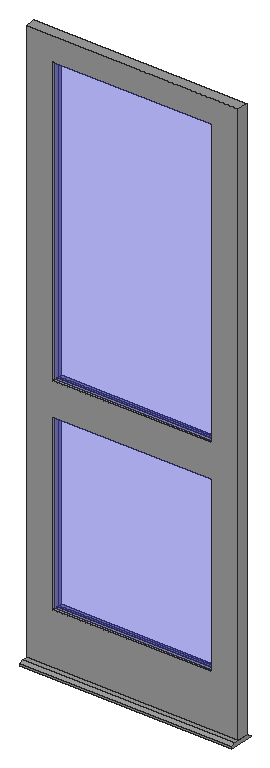
Revit family "MS-375 PIVOT DOOR-VIP-1-SF_v05", category Curtain Panels, Revit 2015
Parameters
  Width [instance] = 3' - 2"
  VIP2 Panic Devices [instance] = yes
  URL = "obe.com"
  Rough Width [instance] = 3' - 0"
  Panel Width [instance] = [Min-Max Rough Width]  # 3' - 0"
  Offset [instance] = 0' - 0"
  Model = "MS-375 DOOR"
  Min-Max Rough Width [instance] = if(and((Rough Width > 2' 11 255/256"), (Rough Width < 3' 6 1/256")), Rough Width, 3' 0")  # 3' - 0"
  Manufacturer = "Oldcastle BuildingEnvelope®"
  Keynote = "08 11 00"
  Height [instance] = 8' - 0"
  Pushbar Height [instance] = 3' - 5 1/4"  # constant formula
  Glass Material = Glass
  Frame Material = Aluminum
  Door Panel Height [instance] = Height + 0' 0 13/32"  # 8' - 0 13/32"
  Description = "MS-375 - 1\" Door Infill"
  Analytic Construction = "<None>"
  8 Bottom Rail [instance] = yes
Reference planes (in)
  plane 1 "Front": y = 0
  plane 2: z = 0
  plane 3 "Center (Left/Right)": x = 0
  plane 4 "Left": x = -19
  plane 5 "Right": x = 19
  plane 6 "Top": z = 96
  plane 7: x = -18
  plane 8: x = 18
Text (in)
  text "Exterior" at (-54.29358, 31.38743, 0), in view "Ref. Level"
  text "Exterior" at (480, 41.53993, 89.60405), in view "Right"
  text "Exterior" at (-240, 57.82419, 105.78864), in view "Left"
Dimensions and locks (in)
  equal spacing: plane 4 "Left", plane 3 "Center (Left/Right)", plane 5 "Right"
  "Width": plane 4 "Left" to plane 5 "Right"
  "Height": plane 6 "Top" to plane 2
  equal spacing: plane 7, plane 3 "Center (Left/Right)", plane 8
  "Min-Max Rough Width": plane 7 to plane 8
  aligned and locked: level to plane 2
  aligned and locked: plane 3 "Center (Left/Right)" to nested 1
  aligned and locked: plane 1 "Front" to nested 1
Nested families (in)
  nested 1: "MS-375 PIVOT DOOR-VIP-1-Panel_v04" at (0, -16, 0), Frame Material <- "Frame Material", Glass Material <- "Glass Material", 8 Bottom Rail <- "8 Bottom Rail", VIP2 Panic Devices <- "VIP2 Panic Devices", Width <- "Min-Max Rough Width", Height <- "Door Panel Height", Offset <- "Offset", type "MS-375 DOOR-1-Panel"
    with built-in parameter 1001301 3' - 0", VIP2 Panic Devices yes, VIP1 Panic Devices no, Pushbar Height 3' - 5 1/4", Offset 0' - 0", built-in parameter 1001300 8' - 0 13/32", Glass at Muntin 0' - 4 15/16", Glass Material Glass, Frame Material Aluminum, Bottom Rail 0' - 9 5/32", 8 Bottom Rail yes, 10 Bottom Rail no
Definition of nested family "MS-375 PIVOT DOOR-VIP-1-Panel_v04"
  Parameters (values of type "MS-375 DOOR-1-Panel")
    Width [instance] = 3' - 6"
    VIP2 Panic Devices [instance] = no
    VIP1 Panic Devices [instance] = not(VIP2 Panic Devices)  # yes
    Offset [instance] = 0' - 10 15/16"
    Height [instance] = 8' - 0"
    Glass at Muntin [instance] = if(VIP2 Panic Devices, 0' 4 15/16", 0' 8 15/16")  # 0' - 8 15/16"
    Pushbar Height [instance] = 3' - 5 1/4"  # constant formula
    Glass Material [instance] = none
    Frame Material [instance] = none
    Bottom Rail [instance] = if([10 Bottom Rail], 0' 11 5/32", 0' 9 5/32")  # 0' - 11 5/32"
    Analytic Construction = "<None>"
    8 Bottom Rail [instance] = no
    10 Bottom Rail [instance] = not([8 Bottom Rail])  # yes
  Reference planes (in)
    plane 1 "00": y = 4.0625
    plane 2: z = 0
    plane 3 "Center (Left/Right)": x = 0
    plane 4: z = 96
    plane 5: x = 21
    plane 6: x = -21
    plane 7 "Center (Front/Back)": y = 16
    plane 8 "Exterior": y = 4.5625
    plane 9: z = 48
    plane 10: z = 92.96875
    plane 11: z = 92
    plane 12: z = 11.15625
    plane 13: z = 36.78125
    plane 14: z = 45.71875
    plane 15: y = 5.0625
    plane 16: z = 41.25
  Forms (in)
    Sweep 1, solid, material <- "Frame Material"
      path origin (0, 4.0625, 0) x (1, 0, 0) y (0, 0, 1)
        loop
          line (-20.79246, 96) -> (20.80204, 96)
      profile origin (0.00479, 4.0625, 96) x (0, 0, 1) y (0, -1, 0)
        loop
          line (-0.40638, -0.875) -> (-0.40638, 0.875) -> (-2.74593, 0.875) -> (-4.28125, 0.875) -> (-4.28125, 0.5) -> (-4, 0.5) -> (-4, -0.5) -> (-4.28125, -0.5) -> (-4.28125, -0.875) -> (-2.74593, -0.875) -> (-0.40638, -0.875)
    Sweep 2, solid, material <- "Frame Material"
      path origin (0, 4.0625, 0) x (1, 0, 0) y (0, 0, 1)
        loop
          line (20.80204, 0) -> (-20.79246, 0)
      profile origin (0.00479, 4.0625, 0) x (0, 0, -1) y (0, -1, 0)
        loop
          line (-11.4375, -0.5) -> (-11.4375, -0.875) -> (-0.6875, -0.875) -> (-0.6875, 0.875) -> (-11.4375, 0.875) -> (-11.4375, 0.5) -> (-11.15625, 0.5) -> (-11.15625, -0.5) -> (-11.4375, -0.5)
        loop
          line (-0.5, 1.5305) -> (-0.5, -1.1555) -> (-0.19364, -1.8125) -> (-0.00001, -1.8125) -> (-0.00001, 2.1875) -> (-0.19364, 2.1875) -> (-0.5, 1.5305)
    Sweep 3, solid, material <- "Frame Material"
      path origin (0, 4.0625, 0) x (1, 0, 0) y (0, 0, 1)
        loop
          line (21, 95.59362) -> (21, 0.6875)
      profile origin (21, 4.0625, 48.14056) x (0, -1, 0) y (1, 0, 0)
        loop
          line (0.875, -0.19796) -> (-0.875, -0.08896) -> (-0.875, -2.31889) -> (-0.875, -4.58896) -> (-0.5, -4.58896) -> (-0.5, -4.30771) -> (0.5, -4.30771) -> (0.5, -4.58896) -> (0.875, -4.58896) -> (0.875, -2.31889) -> (0.875, -0.19796)
    Sweep 4, solid, material <- "Frame Material"
      path origin (0, 4.0625, 0) x (1, 0, 0) y (0, 0, 1)
        loop
          line (-21, 95.59362) -> (-21, 0.6875)
      profile origin (-21, 4.0625, 48.14056) x (0, -1, 0) y (1, 0, 0)
        loop
          line (-0.875, 0.09854) -> (0.875, 0.20754) -> (0.875, 2.21947) -> (0.875, 4.59854) -> (0.5, 4.59854) -> (0.5, 4.31729) -> (-0.5, 4.31729) -> (-0.5, 4.59854) -> (-0.875, 4.59854) -> (-0.875, 2.21947) -> (-0.875, 0.09854)
    Sweep 5, solid, material <- "Frame Material"
      path origin (0, 4.0625, 0) x (1, 0, 0) y (0, 0, 1)
        loop
          line (20.80204, 48) -> (-20.79246, 48)
      profile origin (0.00479, 4.0625, 48) x (0, 0, -1) y (0, -1, 0)
        loop
          line (7.5, -0.875) -> (11.5, -0.875) -> (11.5, -0.5) -> (11.21875, -0.5) -> (11.21875, 0.5) -> (11.5, 0.5) -> (11.5, 0.875) -> (7.5, 0.875) -> (2, 0.875) -> (2, 0.5) -> (2.28125, 0.5) -> (2.28125, -0.5) -> (2, -0.5) -> (2, -0.875) -> (7.5, -0.875)
    Extrusion 6, solid, material <- "Glass Material", detail levels coarse
      sketch origin (0, 0, 0) x (1, 0, 0) y (0, 1, 0)
        loop
          line (-16.68271, 4.5625) -> (-16.68271, 3.5625) -> (16.69229, 3.5625) -> (16.69229, 4.5625) -> (-16.68271, 4.5625)
      from 45.71875 to 92
    Extrusion 7, solid, material <- "Glass Material", detail levels medium+fine
      sketch origin (0, 0, 0) x (1, 0, 0) y (0, 1, 0)
        loop
          line (-16.68271, 3.5625) -> (16.69229, 3.5625) -> (16.69229, 3.8105) -> (-16.68271, 3.8105) -> (-16.68271, 3.5625)
        loop
          line (16.69229, 4.5625) -> (-16.68271, 4.5625) -> (-16.68271, 4.3145) -> (16.69229, 4.3145) -> (16.69229, 4.5625)
      from 45.71875 to 92
    Extrusion 8, solid, material <- "Glass Material", detail levels coarse
      sketch origin (0, 0, 0) x (1, 0, 0) y (0, 1, 0)
        loop
          line (-16.68271, 4.5625) -> (-16.68271, 3.5625) -> (16.69229, 3.5625) -> (16.69229, 4.5625) -> (-16.68271, 4.5625)
      from 11.15625 to 36.78125
    Extrusion 9, solid, material <- "Glass Material", detail levels medium+fine
      sketch origin (0, 0, 0) x (1, 0, 0) y (0, 1, 0)
        loop
          line (-16.68271, 4.5625) -> (-16.68271, 4.3145) -> (16.69229, 4.3145) -> (16.69229, 4.5625) -> (-16.68271, 4.5625)
        loop
          line (-16.68271, 3.8105) -> (-16.68271, 3.5625) -> (16.69229, 3.5625) -> (16.69229, 3.8105) -> (-16.68271, 3.8105)
      from 11.15625 to 36.78125
  Cuts and joins
    joined: Sweep 1, Sweep 2, Sweep 3, Sweep 4, Sweep 5
  Lines and regions (in)
    model lines
      curve 1: line (16.41104, 4.5625, 91.71875) -> (-16.68271, 4.5625, 48)
      curve 2: line (-16.68271, 4.5625, 48) -> (16.41104, 4.5625, 11.4375)
  Dimensions and locks (in)
    "Width": plane 6 to plane 5
    "Offset": plane 15 to plane 7 "Center (Front/Back)"
    plane 1 "00" to plane 8 "Exterior" to plane 15 = 0' - 0 1/2" locked, 0' - 0 1/2" locked
    equal spacing: level, plane 9, plane 4
    locked: Sweep 2 sketch curve to plane 6 at 0.20754
    locked: plane 5 to Sweep 2 sketch curve at 0.19796
    locked: Sweep 3 sketch curve to plane 4 at 0.40638
    locked: Sweep 4 sketch curve to plane 4 at 0.40638
    locked: Sweep 1 sketch curve to plane 6 at 0.20754
    locked: plane 5 to Sweep 1 sketch curve at 0.19796
    locked: plane 5 to Sweep 5 sketch curve at 0.19796
    locked: Sweep 5 sketch curve to plane 6 at 0.20754
    locked: plane 4 to plane 10 at 3.03125
    Extrusion 6 sketch curve to plane 1 "00" to Extrusion 6 sketch curve = 0' - 0 1/2" locked, 0' - 0 1/2" locked
    Extrusion 8 sketch curve to plane 1 "00" to Extrusion 8 sketch curve = 0' - 0 1/2" locked, 0' - 0 1/2" locked
    Extrusion 9 sketch curve to Extrusion 9 sketch curve to plane 1 "00" to Extrusion 9 sketch curve to Extrusion 9 sketch curve = 0' - 0.248" locked, 0' - 0.252" locked, 0' - 0.252" locked, 0' - 0.248" locked
    "Glass at Muntin": plane 13 to plane 14
    locked: plane 11 to plane 4 at 4
    "Bottom Rail": plane 12 to plane 2
    "Height": plane 4 to plane 2
    locked: Sweep 1 sketch curve to plane 11 at 0.28125  (x2)
    locked: plane 14 to Sweep 5 sketch curve at 0.28125  (x2)
    locked: plane 12 to Sweep 2 sketch curve at 0.28125  (x2)
    locked: Sweep 5 sketch curve to plane 13 at 0.28125  (x2)
    equal spacing: plane 6, plane 3 "Center (Left/Right)", plane 5
    Extrusion 7 sketch curve to Extrusion 7 sketch curve to Extrusion 7 sketch curve to Extrusion 7 sketch curve = 0' - 0.248" locked, 0' - 0.504" locked, 0' - 0.248" locked
    equal spacing: plane 13, plane 16, plane 14
    "Pushbar Height": plane 16 to plane 2
    locked: Sweep 4 sketch curve to plane 2 at 0.6875
    locked: Sweep 3 sketch curve to plane 2 at 0.6875
    locked: nested 2 to plane 1 "00" at 1.093
    aligned and locked: plane 2 to level
    aligned and locked: Sweep 1 sketch curve to plane 4
    aligned and locked: Sweep 2 sketch curve to level
    aligned and locked: level to nested 1
    aligned and locked: nested 1 to plane 1 "00"
    aligned and locked: plane 5 to Sweep 3 sketch curve
    aligned and locked: plane 6 to Sweep 4 sketch curve
    aligned and locked: Sweep 5 sketch curve to plane 9
    aligned and locked: Extrusion 7 to plane 11
    aligned and locked: Extrusion 6 to plane 11
    aligned and locked: plane 14 to Extrusion 7
    aligned and locked: plane 14 to Extrusion 6
    aligned and locked: Extrusion 8 to plane 13
    aligned and locked: Extrusion 9 to plane 13
    aligned and locked: plane 12 to Extrusion 9
    aligned and locked: plane 12 to Extrusion 8
    aligned and locked: plane 13 to cut or joined group of Sweep 1, Sweep 2, Sweep 3, Sweep 4, Sweep 5
    aligned and locked: plane 12 to Sweep 2 sketch curve
    aligned and locked: Sweep 5 sketch curve to plane 13
    aligned and locked: plane 14 to Sweep 5 sketch curve
    aligned and locked: cut or joined group of Sweep 1, Sweep 2, Sweep 3, Sweep 4, Sweep 5 to curve 1
    aligned and locked: nested 2 to plane 3 "Center (Left/Right)"
  Automatic sketch dimensions
    plane 1 "00" to Sweep 2 sketch curve = 0' - 0 7/8"
    profile plane to Sweep 2 sketch curve = 0' - 0 1/2"
    profile plane to Sweep 2 sketch curve = 0' - 0.19364"  (x2)
    profile plane to Sweep 2 sketch curve = 0' - 0"
    Sweep 2 sketch curve to Sweep 2 sketch curve = 0' - 0 3/8"
    Sweep 2 sketch curve to plane 1 "00" = 0' - 0 1/2"
    Sweep 2 sketch curve to plane 1 "00" = 0' - 0 7/8"
    Sweep 2 sketch curve to Sweep 2 sketch curve = 0' - 2.686"
    Sweep 2 sketch curve to Sweep 2 sketch curve = 0' - 0.657"  (x2)
    Sweep 2 sketch curve to Sweep 2 sketch curve = 0' - 0.6555"
    Sweep 4 sketch curve to plane 1 "00" = 0' - 0 7/8"
    Sweep 4 sketch curve to Sweep 4 sketch curve = 0' - 0 3/8"
    plane 1 "00" to Sweep 4 sketch curve = 0' - 0 1/2"
    plane 1 "00" to Sweep 4 sketch curve = 0' - 0 7/8"
    Sweep 4 sketch curve to profile plane = 0' - 0.09854"
    Sweep 4 sketch curve to Sweep 4 sketch curve = 0' - 2.12093"
    Sweep 4 sketch curve to Sweep 4 sketch curve = 0' - 0"
    Sweep 4 sketch curve to Sweep 4 sketch curve = 0' - 2.09782"
    Sweep 4 sketch curve to Sweep 4 sketch curve = 0' - 0 9/32"  (x2)
    Sweep 4 sketch curve to profile plane = 0' - 0.20754"
    plane 6 to Extrusion 6 sketch curve = 0' - 4.31729"
    Extrusion 6 sketch curve to plane 5 = 0' - 4.30771"
    plane 6 to Extrusion 7 sketch curve = 0' - 4.31729"
    Extrusion 7 sketch curve to Extrusion 7 sketch curve = 0' - 0"  (x2)
    Extrusion 7 sketch curve to plane 5 = 0' - 4.30771"
    plane 6 to Extrusion 8 sketch curve = 0' - 4.31729"
    Extrusion 8 sketch curve to plane 5 = 0' - 4.30771"
    plane 6 to Extrusion 9 sketch curve = 0' - 4.31729"
    Extrusion 9 sketch curve to Extrusion 9 sketch curve = 0' - 0"  (x2)
    Extrusion 9 sketch curve to plane 5 = 0' - 4.30771"
    plane 1 "00" to Sweep 5 sketch curve = 0' - 0 7/8"
    Sweep 5 sketch curve to plane 1 "00" = 0' - 0 1/2"  (x2)
    Sweep 5 sketch curve to Sweep 5 sketch curve = 0' - 3 23/32"
    Sweep 5 sketch curve to Sweep 5 sketch curve = 0' - 0 3/8"  (x3)
    Sweep 5 sketch curve to Sweep 5 sketch curve = 0' - 0"
    curve 2 to plane 9 = 0' - 0"
    plane 11 to curve 1 = 0' - 0 9/32"
    curve 1 to plane 5 = 0' - 4.58896"
    curve 2 to plane 12 = 0' - 0 9/32"
    plane 8 "Exterior" to Extrusion 7 sketch curve = 0' - 0"
    Sweep 2 sketch curve to Sweep 2 sketch curve = 0' - 0 3/16"
    Sweep 3 sketch curve to plane 1 "00" = 0' - 0 7/8"
    Sweep 3 sketch curve to Sweep 3 sketch curve = 0' - 0 3/8"  (x2)
    plane 1 "00" to Sweep 3 sketch curve = 0' - 0 1/2"
    profile plane to Sweep 3 sketch curve = 0' - 4.58896"
    Sweep 3 sketch curve to Sweep 3 sketch curve = 0' - 0"  (x2)
    Sweep 3 sketch curve to Sweep 3 sketch curve = 0' - 0 9/32"
    Sweep 3 sketch curve to Sweep 3 sketch curve = 0' - 1.98882"
    profile plane to Sweep 3 sketch curve = 0' - 0.19796"
    profile plane to Sweep 3 sketch curve = 0' - 0.08896"
    curve 2 to plane 5 = 0' - 4.58896"
    Sweep 1 sketch curve to Sweep 1 sketch curve = 0' - 0 9/32"
    Sweep 1 sketch curve to Sweep 1 sketch curve = 0' - 1.25407"  (x2)
    profile plane to Sweep 1 sketch curve = 0' - 0.40638"
    Sweep 1 sketch curve to plane 1 "00" = 0' - 0 7/8"
    Sweep 1 sketch curve to Sweep 1 sketch curve = 0' - 0 3/8"  (x2)
    plane 1 "00" to Sweep 1 sketch curve = 0' - 0 1/2"
  Nested families (in)
    nested 1: "MS-375 PIVOT DOOR-VIP-1-Section_v02" at (0, 4.0625, 0) x (0, -1, 0) z (1, 0, 0), Height <- "Height", 8 Bottom Rail <- "8 Bottom Rail", VIP 1 Panic Devices <- "VIP1 Panic Devices", type "MS-375 PIVOT DOOR-VIP-1-Section_v02"
      with VIP 2 Panic Devices no, VIP 1 Panic Devices yes, Pushbar Height 3' - 5 1/4", Height 8' - 0", Glass at Muntins 0' - 8 15/16", Bottom Rail 0' - 11 5/32", 8 Bottom Rail no, 10 Bottom Rail yes
    nested 2: "MS-375 PIVOT DOOR-VIP-1-Plan View_v02" at (0, 4.0625, 0) x (-1, 0, 0) z (0, 0, 1), Width <- "Width", type "MS-375 PIVOT DOOR-VIP-1-Plan View_v02"
  Definition of nested family "MS-375 PIVOT DOOR-VIP-1-Section_v02"
    Parameters (values of type "MS-375 PIVOT DOOR-VIP-1-Section_v02")
      VIP 2 Panic Devices [instance] = not(VIP 1 Panic Devices)  # no
      VIP 1 Panic Devices [instance] = yes
      Height [instance] = 8' - 0"
      Glass at Muntins [instance] = if(VIP 2 Panic Devices, 0' 4 15/16", 0' 8 15/16")  # 0' - 8 15/16"
      Pushbar Height [instance] = 3' - 5 1/4"  # constant formula
      Bottom Rail [instance] = if([10 Bottom Rail], 0' 11 5/32", 0' 9 5/32")  # 0' - 11 5/32"
      10 Bottom Rail [instance] = not([8 Bottom Rail])  # yes
      8 Bottom Rail [instance] = no
    Reference planes (in)
      plane 1 "Center (Front/Back)": y = 0
      plane 2: z = 0
      plane 3 "Center (Left/Right)": x = 0
      plane 4: y = 11.15625
      plane 5: y = 91.99987
      plane 6: y = 96
      plane 7: y = 45.71875
      plane 8: y = 36.78125
      plane 9: y = 46
      plane 10: y = 41.25
      plane 11: y = 44
    Lines and regions (in)
      detail lines, in view "Ref. Level"
        curve 1: line (-0.5, 91.99987, 0) -> (-0.5, 45.71875, 0)
        curve 10: line (0.5, 91.99987, 0) -> (0.5, 45.71875, 0)
        curve 11: line (-0.5, 36.78125, 0) -> (-0.5, 11.15625, 0)
        curve 20: line (0.5, 36.78125, 0) -> (0.5, 11.15625, 0)
      detail lines, in view "Ref. Level", detail levels fine
        curve 2: line (-0.438, 91.99987, 0) -> (-0.438, 45.71875, 0)
        curve 3: line (-0.376, 91.99987, 0) -> (-0.376, 45.71875, 0)
        curve 4: line (-0.314, 91.99987, 0) -> (-0.314, 45.71875, 0)
        curve 7: line (0.314, 91.99987, 0) -> (0.314, 45.71875, 0)
        curve 8: line (0.376, 91.99987, 0) -> (0.376, 45.71875, 0)
        curve 9: line (0.438, 91.99987, 0) -> (0.438, 45.71875, 0)
        curve 12: line (-0.438, 36.78125, 0) -> (-0.438, 11.15625, 0)
        curve 13: line (-0.376, 36.78125, 0) -> (-0.376, 11.15625, 0)
        curve 14: line (-0.314, 36.78125, 0) -> (-0.314, 11.15625, 0)
        curve 17: line (0.314, 36.78125, 0) -> (0.314, 11.15625, 0)
        curve 18: line (0.376, 36.78125, 0) -> (0.376, 11.15625, 0)
        curve 19: line (0.438, 36.78125, 0) -> (0.438, 11.15625, 0)
      detail lines, in view "Ref. Level", detail levels medium+fine
        curve 5: line (-0.252, 91.99987, 0) -> (-0.252, 45.71875, 0)
        curve 6: line (0.252, 91.99987, 0) -> (0.252, 45.71875, 0)
        curve 15: line (-0.252, 36.78125, 0) -> (-0.252, 11.15625, 0)
        curve 16: line (0.252, 36.78125, 0) -> (0.252, 11.15625, 0)
    Dimensions and locks (in)
      "Bottom Rail": plane 4 to plane 1 "Center (Front/Back)"
      "Height": plane 6 to plane 1 "Center (Front/Back)"
      "Glass at Muntins": plane 8 to plane 7
      nested 1 to plane 6 to plane 5 = 0' - 3.09362" locked, 0' - 4.00013" locked
      equal spacing: plane 8, plane 10, plane 7
      "Pushbar Height": plane 1 "Center (Front/Back)" to plane 10
      plane 10 to plane 11 to plane 9 = 0' - 2 3/4" locked, 0' - 2" locked
      aligned and locked: plane 3 "Center (Left/Right)" to nested 1
      aligned and locked: plane 3 "Center (Left/Right)" to nested 2
      aligned and locked: plane 3 "Center (Left/Right)" to nested 3
      aligned and locked: plane 3 "Center (Left/Right)" to nested 4
      aligned and locked: plane 3 "Center (Left/Right)" to nested 5
      aligned and locked: plane 1 "Center (Front/Back)" to nested 2
      aligned and locked: plane 5 to curve 1
      aligned and locked: plane 5 to curve 2
      aligned and locked: plane 5 to curve 3
      aligned and locked: plane 5 to curve 4
      aligned and locked: plane 5 to curve 5
      aligned and locked: plane 5 to curve 6
      aligned and locked: plane 5 to curve 7
      aligned and locked: plane 5 to curve 8
      aligned and locked: plane 5 to curve 9
      aligned and locked: plane 5 to curve 10
      aligned and locked: plane 7 to curve 1
      aligned and locked: plane 7 to curve 2
      aligned and locked: plane 7 to curve 3
      aligned and locked: plane 7 to curve 4
      aligned and locked: plane 7 to curve 5
      aligned and locked: plane 7 to curve 6
      aligned and locked: plane 7 to curve 7
      aligned and locked: plane 7 to curve 8
      aligned and locked: plane 7 to curve 9
      aligned and locked: plane 7 to curve 10
      aligned and locked: plane 4 to curve 11
      aligned and locked: plane 4 to curve 12
      aligned and locked: plane 4 to curve 13
      aligned and locked: plane 4 to curve 14
      aligned and locked: plane 4 to curve 15
      aligned and locked: plane 4 to curve 16
      aligned and locked: plane 4 to curve 17
      aligned and locked: plane 4 to curve 18
      aligned and locked: plane 4 to curve 19
      aligned and locked: plane 4 to curve 20
      aligned and locked: plane 8 to curve 20
      aligned and locked: plane 8 to curve 19
      aligned and locked: plane 8 to curve 18
      aligned and locked: plane 8 to curve 17
      aligned and locked: plane 8 to curve 16
      aligned and locked: plane 8 to curve 15
      aligned and locked: plane 8 to curve 14
      aligned and locked: plane 8 to curve 13
      aligned and locked: plane 8 to curve 12
      aligned and locked: plane 8 to curve 11
      aligned and locked: plane 5 to nested 1  (x11)
      aligned and locked: plane 1 "Center (Front/Back)" to nested 3
      aligned and locked: plane 9 to nested 4
      aligned and locked: plane 11 to nested 5
    Automatic sketch dimensions
      curve 1 to plane 3 "Center (Left/Right)" = 0' - 0 1/2"
      curve 11 to plane 3 "Center (Left/Right)" = 0' - 0 1/2"
      curve 1 to curve 2 = 0' - 0.062"
      curve 11 to curve 12 = 0' - 0.062"
      curve 2 to curve 3 = 0' - 0.062"
      curve 12 to curve 13 = 0' - 0.062"
      curve 13 to curve 14 = 0' - 0.062"
      curve 3 to curve 4 = 0' - 0.062"
      curve 4 to curve 5 = 0' - 0.062"
      curve 14 to curve 15 = 0' - 0.062"
      plane 3 "Center (Left/Right)" to curve 6 = 0' - 0.252"
      plane 3 "Center (Left/Right)" to curve 16 = 0' - 0.252"
      curve 6 to curve 7 = 0' - 0.062"
      curve 16 to curve 17 = 0' - 0.062"
      curve 17 to curve 18 = 0' - 0.062"
      curve 7 to curve 8 = 0' - 0.062"
      curve 8 to curve 9 = 0' - 0.062"
      curve 18 to curve 19 = 0' - 0.062"
      curve 9 to curve 10 = 0' - 0.062"
      curve 19 to curve 20 = 0' - 0.062"
    Nested families (in)
      nested 1: "TOP RAIL-DI" at (0, 99.09362, 0), type "TOP RAIL-DI", in view "Ref. Level"
      nested 2: "8 BOT RAIL-DI" at (0, 9.4375, 0), visible <- "8 Bottom Rail", type "4 BOT RAIL-DI", in view "Ref. Level"
      nested 3: "10 BOT RAIL-DI" at (0, 11.4375, 0), visible <- "10 Bottom Rail", type "6.5 BOT RAIL-DI", in view "Ref. Level"
      nested 4: "MIDRAIL-VIP1-DI" at (0, 46, 0), visible <- "VIP 1 Panic Devices", type "MIDRAIL-VIP1-DI", in view "Ref. Level"
      nested 5: "MIDRAIL-VIP2-DI" at (0, 44, 0), visible <- "VIP 2 Panic Devices", type "MIDRAIL-VIP2-DI", in view "Ref. Level"
    Definition of nested family "TOP RAIL-DI"
      Reference planes (in)
        plane 1 "Center (Front/Back)": y = 0
        plane 2: z = 0
        plane 3 "Center (Left/Right)": x = 0
      Lines and regions (in)
        detail lines, in view "Ref. Level"
          curve 1: line (-0.875, -3.625, 0) -> (0.875, -3.625, 0)
          curve 2: line (0.875, -3.625, 0) -> (0.875, -7.375, 0)
          curve 3: line (0.875, -7.375, 0) -> (0.5, -7.375, 0)
          curve 4: line (0.5, -7.375, 0) -> (0.5, -7.09375, 0)
          curve 5: line (0.5, -7.09375, 0) -> (-0.5, -7.09375, 0)
          curve 6: line (-0.5, -7.09375, 0) -> (-0.5, -7.375, 0)
          curve 7: line (-0.5, -7.375, 0) -> (-0.875, -7.375, 0)
          curve 8: line (-0.875, -7.375, 0) -> (-0.875, -3.625, 0)
    Definition of nested family "8 BOT RAIL-DI"
      Reference planes (in)
        plane 1 "Center (Front/Back)": y = 0
        plane 2: z = 0
        plane 3 "Center (Left/Right)": x = 0
      Lines and regions (in)
        detail lines, in view "Ref. Level"
          curve 1: line (-0.875, 0, 0) -> (-0.5, 0, 0)
          curve 2: line (-0.5, 0, 0) -> (-0.5, -0.28125, 0)
          curve 3: line (-0.5, -0.28125, 0) -> (0.5, -0.28125, 0)
          curve 4: line (0.5, -0.28125, 0) -> (0.5, 0, 0)
          curve 5: line (0.5, 0, 0) -> (0.875, 0, 0)
          curve 6: line (0.875, 0, 0) -> (0.875, -8.75, 0)
          curve 7: line (0.875, -8.75, 0) -> (-0.875, -8.75, 0)
          curve 8: line (-0.875, -8.75, 0) -> (-0.875, 0, 0)
          curve 9: line (-1.1555, -8.9375, 0) -> (-1.8125, -9.24386, 0)
          curve 10: line (-1.8125, -9.24386, 0) -> (-1.8125, -9.43749, 0)
          curve 11: line (-1.8125, -9.43749, 0) -> (2.1875, -9.43749, 0)
          curve 12: line (2.1875, -9.43749, 0) -> (2.1875, -9.24386, 0)
          curve 13: line (2.1875, -9.24386, 0) -> (1.5305, -8.9375, 0)
          curve 14: line (1.5305, -8.9375, 0) -> (-1.1555, -8.9375, 0)
    Definition of nested family "10 BOT RAIL-DI"
      Reference planes (in)
        plane 1 "Center (Front/Back)": y = 0
        plane 2: z = 0
        plane 3 "Center (Left/Right)": x = 0
      Lines and regions (in)
        detail lines, in view "Ref. Level"
          curve 1: line (-0.875, 0, 0) -> (-0.5, 0, 0)
          curve 2: line (-0.5, 0, 0) -> (-0.5, -0.28125, 0)
          curve 3: line (-0.5, -0.28125, 0) -> (0.5, -0.28125, 0)
          curve 4: line (0.5, -0.28125, 0) -> (0.5, 0, 0)
          curve 5: line (0.5, 0, 0) -> (0.875, 0, 0)
          curve 6: line (0.875, 0, 0) -> (0.875, -10.75, 0)
          curve 7: line (0.875, -10.75, 0) -> (-0.875, -10.75, 0)
          curve 8: line (-0.875, -10.75, 0) -> (-0.875, 0, 0)
          curve 9: line (2.1875, -11.24386, 0) -> (1.5305, -10.9375, 0)
          curve 10: line (1.5305, -10.9375, 0) -> (-1.1555, -10.9375, 0)
          curve 11: line (-1.1555, -10.9375, 0) -> (-1.8125, -11.24386, 0)
          curve 12: line (-1.8125, -11.24386, 0) -> (-1.8125, -11.43749, 0)
          curve 13: line (-1.8125, -11.43749, 0) -> (2.1875, -11.43749, 0)
          curve 14: line (2.1875, -11.43749, 0) -> (2.1875, -11.24386, 0)
    Definition of nested family "MIDRAIL-VIP1-DI"
      Reference planes (in)
        plane 1 "Center (Front/Back)": y = 0
        plane 2: z = 0
        plane 3 "Center (Left/Right)": x = 0
      Lines and regions (in)
        detail lines, in view "Ref. Level"
          curve 1: line (-0.875, 0, 0) -> (-0.5, 0, 0)
          curve 2: line (-0.5, 0, 0) -> (-0.5, -0.28125, 0)
          curve 3: line (-0.5, -0.28125, 0) -> (0.5, -0.28125, 0)
          curve 4: line (0.5, -0.28125, 0) -> (0.5, 0, 0)
          curve 5: line (0.5, 0, 0) -> (0.875, 0, 0)
          curve 6: line (0.875, 0, 0) -> (0.875, -9.5, 0)
          curve 7: line (0.875, -9.5, 0) -> (0.5, -9.5, 0)
          curve 8: line (0.5, -9.5, 0) -> (0.5, -9.21875, 0)
          curve 9: line (0.5, -9.21875, 0) -> (-0.5, -9.21875, 0)
          curve 10: line (-0.5, -9.21875, 0) -> (-0.5, -9.5, 0)
          curve 11: line (-0.5, -9.5, 0) -> (-0.875, -9.5, 0)
          curve 12: line (-0.875, -9.5, 0) -> (-0.875, 0, 0)
    Definition of nested family "MIDRAIL-VIP2-DI"
      Reference planes (in)
        plane 1 "Center (Front/Back)": y = 0
        plane 2: z = 0
        plane 3 "Center (Left/Right)": x = 0
      Lines and regions (in)
        detail lines, in view "Ref. Level"
          curve 1: line (-0.875, 0, 0) -> (-0.5, 0, 0)
          curve 2: line (-0.5, 0, 0) -> (-0.5, -0.28125, 0)
          curve 3: line (-0.5, -0.28125, 0) -> (0.5, -0.28125, 0)
          curve 4: line (0.5, -0.28125, 0) -> (0.5, 0, 0)
          curve 5: line (0.5, 0, 0) -> (0.875, 0, 0)
          curve 6: line (0.875, 0, 0) -> (0.875, -5.5, 0)
          curve 7: line (0.875, -5.5, 0) -> (0.5, -5.5, 0)
          curve 8: line (0.5, -5.5, 0) -> (0.5, -5.21875, 0)
          curve 9: line (0.5, -5.21875, 0) -> (-0.5, -5.21875, 0)
          curve 10: line (-0.5, -5.21875, 0) -> (-0.5, -5.5, 0)
          curve 11: line (-0.5, -5.5, 0) -> (-0.875, -5.5, 0)
          curve 12: line (-0.875, -5.5, 0) -> (-0.875, 0, 0)
  Definition of nested family "MS-375 PIVOT DOOR-VIP-1-Plan View_v02"
    Parameters (values of type "MS-375 PIVOT DOOR-VIP-1-Plan View_v02")
      Width [instance] = 3' - 6"
    Reference planes (in)
      plane 1 "Center (Front/Back)": y = 0
      plane 2: z = 0
      plane 3 "Center (Left/Right)": x = 0
      plane 4: x = -21
      plane 5: x = 21
      plane 6: x = -19.6875
      plane 7: y = 1.093
      plane 8: y = -43.25
      plane 9: y = -1.25
      plane 10: x = -20.9375
    Lines and regions (in)
      detail lines, in view "Ref. Level", not visible
        curve 1: line (-16.6875, 0.5, 0) -> (16.71875, 0.5, 0)
        curve 2: line (-16.6875, -0.5, 0) -> (16.71875, -0.5, 0)
        curve 13: line (-16.6875, -0.252, 0) -> (16.71875, -0.252, 0)
        curve 14: line (-16.6875, 0.252, 0) -> (16.71875, 0.252, 0)
      detail lines, in view "Ref. Level"
        curve 3: line (-20.1875, -38.90625, 0) -> (-20.1875, -5.46875, 0)
        curve 7: line (-19.1875, -38.90625, 0) -> (-19.1875, -5.46875, 0)
        curve 15: arc (-20.5625, -43.125, 0) -> (8.93776, -30.59493, 0) -> (20.9375, -0.875, 0) r 41.87668
      detail lines, in view "Ref. Level", detail levels fine
        curve 4: line (-20.1255, -38.90625, 0) -> (-20.1255, -5.46875, 0)
        curve 5: line (-20.0635, -38.90625, 0) -> (-20.0635, -5.46875, 0)
        curve 6: line (-20.0015, -38.90625, 0) -> (-20.0015, -5.46875, 0)
        curve 8: line (-19.3735, -38.90625, 0) -> (-19.3735, -5.46875, 0)
        curve 9: line (-19.3115, -38.90625, 0) -> (-19.3115, -5.46875, 0)
        curve 10: line (-19.2495, -38.90625, 0) -> (-19.2495, -5.46875, 0)
      detail lines, in view "Ref. Level", detail levels medium+fine
        curve 11: line (-19.9395, -38.90625, 0) -> (-19.9395, -5.46875, 0)
        curve 12: line (-19.4355, -38.90625, 0) -> (-19.4355, -5.46875, 0)
    Dimensions and locks (in)
      "Width": plane 4 to plane 5
      equal spacing: plane 4, plane 3 "Center (Left/Right)", plane 5
      "Width": plane 8 to plane 9
      locked: plane 8 to nested 2 at 2.218
      locked: plane 5 to nested 1 at 2.2805
      locked: plane 4 to plane 6 at 1.3125
      locked: plane 4 to plane 10 at 0.0625
      locked: plane 9 to plane 1 "Center (Front/Back)" at 1.25
      locked: nested 3 to plane 4 at 2.2805
      locked: plane 1 "Center (Front/Back)" to plane 7 at 1.093
      aligned and locked: nested 1 to plane 1 "Center (Front/Back)"
      aligned and locked: nested 2 to plane 6
      aligned and locked: nested 1 to curve 1
      aligned and locked: nested 1 to curve 14
      aligned and locked: nested 1 to curve 13
      aligned and locked: curve 2 to nested 1
      aligned and locked: nested 2 to curve 12
      aligned and locked: nested 2 to curve 8
      aligned and locked: nested 2 to nested 2  (x3)
      aligned and locked: nested 2 to curve 9
      aligned and locked: nested 2 to curve 10
      aligned and locked: nested 2 to curve 7
      aligned and locked: nested 2 to curve 11
      aligned and locked: nested 2 to curve 6
      aligned and locked: nested 2 to curve 5
      aligned and locked: nested 2 to curve 4
      aligned and locked: nested 2 to curve 3
      aligned and locked: plane 1 "Center (Front/Back)" to nested 3
      aligned and locked: nested 4 to nested 4  (x2)
      aligned and locked: plane 6 to nested 4
      aligned and locked: curve 3 to nested 4
      aligned and locked: nested 4 to curve 4
      aligned and locked: nested 4 to curve 5
      aligned and locked: nested 4 to curve 6
      aligned and locked: nested 4 to curve 11
      aligned and locked: nested 4 to curve 12
      aligned and locked: nested 4 to curve 8
      aligned and locked: nested 4 to curve 9
      aligned and locked: nested 4 to curve 10
      aligned and locked: nested 4 to curve 7
      aligned and locked: nested 4 to plane 7
      aligned and locked: curve 15 to nested 1
    Automatic sketch dimensions
      curve 15 to plane 9 = 0' - 0"
      curve 15 to plane 10 = 0' - 0"
      plane 8 to curve 15 = 0' - 0 1/8"
      plane 10 to curve 15 = 0' - 0 3/8"
      plane 6 to curve 3 = 0' - 0 1/2"
      curve 3 to curve 4 = 0' - 0.062"
      curve 4 to curve 5 = 0' - 0.062"
      curve 5 to curve 6 = 0' - 0.062"
      curve 6 to curve 11 = 0' - 0.062"
      curve 12 to plane 6 = 0' - 0.252"
      curve 12 to curve 8 = 0' - 0.062"
      curve 8 to curve 9 = 0' - 0.062"
      curve 9 to curve 10 = 0' - 0.062"
      curve 10 to curve 7 = 0' - 0.062"
      plane 1 "Center (Front/Back)" to curve 13 = 0' - 0.252"
      curve 13 to plane 6 = 0' - 3"
      curve 2 to curve 13 = 0' - 0"
      curve 1 to curve 13 = 0' - 0"
      curve 14 to curve 1 = 0' - 0"
      curve 2 to curve 13 = 0' - 0.248"
      curve 14 to plane 1 "Center (Front/Back)" = 0' - 0.252"
      curve 14 to curve 1 = 0' - 0.248"
    Nested families (in)
      nested 1: "HINGE-PD-DI" at (23.2805, 0, 0) x (-1, 0, 0) z (0, 0, 1), type "HINGE-PD-DI", in view "Ref. Level", not visible
      nested 2: "HINGE-PD-DI" at (-19.6875, -45.468, 0) x (0, 1, 0) z (0, 0, 1), type "HINGE-PD-DI", in view "Ref. Level"
      nested 3: "HINGE-PD-DI" at (-23.2805, 0, 0), type "HINGE-PD-DI", in view "Ref. Level", not visible
      nested 4: "HINGE-PD-DI" at (-19.6875, 1.093, 0) x (0, -1, 0) z (0, 0, 1), type "HINGE-PD-DI", in view "Ref. Level"
    Definition of nested family "HINGE-PD-DI"
      Reference planes (in)
        plane 1 "Center (Front/Back)": y = 0
        plane 2: z = 0
        plane 3 "Center (Left/Right)": x = 0
      Lines and regions (in)
        detail lines, in view "Ref. Level"
          curve 1: line (2.452, 0.875, 0) -> (2.343, -0.875, 0)
          curve 2: line (2.343, -0.875, 0) -> (6.843, -0.875, 0)
          curve 3: line (6.843, -0.875, 0) -> (6.843, -0.5, 0)
          curve 4: line (6.843, -0.5, 0) -> (6.56175, -0.5, 0)
          curve 5: line (6.56175, -0.5, 0) -> (6.56175, 0.5, 0)
          curve 6: line (6.56175, 0.5, 0) -> (6.843, 0.5, 0)
          curve 7: line (6.843, 0.5, 0) -> (6.843, 0.875, 0)
          curve 8: line (6.843, 0.875, 0) -> (2.452, 0.875, 0)
